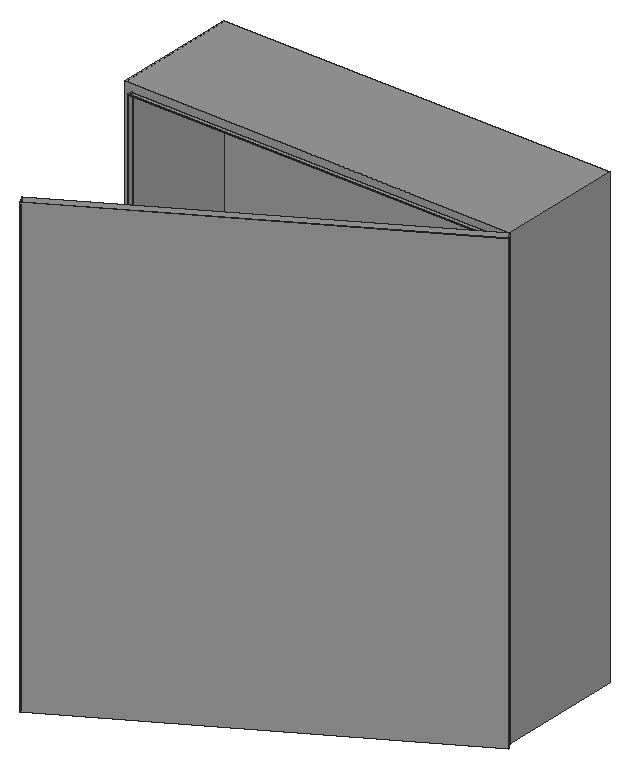
Revit family "Hager-Univers-IP55-D275-H950-Cl.II-Steel_encl-NoHosted-ES-es", category Electrical Equipment, Revit 2020
Family settings
  Panel Configuration = Two Columns, Circuits Across
  Round Connector Dimension = Use Diameter
  Part Type = Panelboard
  Work Plane-Based = Yes
  Always vertical = Yes
  Cut with Voids When Loaded = No
  Shared = No
  Room Calculation Point = No
Parameters (values of type "Montado superficial (escayola) IP55 A800 A950 P275  - FR63S")
  Width Control [instance] = if([EF000008 - Anchura] > Min Width, [EF000008 - Anchura], Min Width)  # 800 mm
  Type Comments = [HG000003 - Gama]  # "Univers"
  Thickness Door [instance] = if([EF009171 - Espesor puerta/tapa] > 3 mm, 3 mm, [EF009171 - Espesor puerta/tapa])  # 1.5 mm
  Seal Frame Offset [instance] = 17 mm  # constant formula
  Plinth Visibility [instance] = [HG000027 - Altura de zócalo] > 0 mm  # no
  Min Width [instance] = 100 mm  # constant formula
  Min Depth [instance] = (2 * [EF009170 - Espesor del material de la caja]) + 1 mm  # 4 mm
  Min Height [instance] = 100 mm  # constant formula
  Internal Frame Depth [instance] = (Door System Depth * 0.5)  # 9 mm
  Panel Name [instance] = ""  # (empty or 0)
  Model = ""
  HG000027 - Altura de zócalo = 0 mm
  HG000026 - Instalación en suelo = no
  HG000024 - Altura de la sección inferior = 600 mm
  HG000023 - Caja de doble sección = no
  HG000016 - Visibilidad de la puerta 3D [instance] = yes
  HG000015 - Visibilidad a través de la puerta [instance] = no
  HG000014 - Puerta a la derecha [instance] = yes
  HG000013 - Puerta a la izquierda [instance] = not([HG000014 - Puerta a la derecha])  # no
  HG000012 - Ángulo de giro de la puerta [instance] = 30.00°
  HG000010 - Puertas asimétricas = no
  HG000009 - Puerta batiente doble = no
  HG000006 - Empotrado = no
  HG000004 - Referencia del fabricante = "FR63S"
  HG000003 - Gama = "Univers"
  HG000002 - Con puerta o tapa = yes
  Frame Offset Bottom [instance] = 10 mm  # constant formula
  Frame Offset [instance] = 15 mm  # constant formula
  EF015940 - Tapa con alivio de sobrepresión = no
  EF011959 - Grado de protección (NEMA) = ""
  EF009554 - Número de aberturas para placas-brida = 6
  EF009212 - Versión de la cubierta = "EV000116 - Cerrado"
  EF009171 - Espesor puerta/tapa = 1.5 mm
  EF009170 - Espesor del material de la caja = 1.5 mm
  EF008873 - Corriente nominal (In) = 800 A
  EF007800 - Adecuado para la protección contra rayos = no
  EF006306 - Con cierre = no
  EF006244 - Tapa/puerta transparente = no
  EF005474 - Grado de protección (IP) = "EV006420 - IP55"
  EF004464 - Tipo de puerta = "EV002646 - Único"
  EF004427 - Número de módulos = 216
  EF004293 - Resistencia al impacto (IK) = "EV008784 - IK10"
  EF003532 - Adecuado para uso en exteriores = no
  EF002950 - Anchura de unidades de división = 24
  EF001613 - Integridad del circuito = "EV000494 - Ninguno"
  EF001596 - Material de la carcasa = "EV000179 - Acero"
  EF001131 - Profundidad interna = 275 mm
  EF001088 - Posibilidad de extensión = yes
  EF000437 - Número de entradas de conductos de cables = 6
  EF000339 - Tipo de cubierta = "EV004216 - Puerta"
  EF000266 - Número de filas = 6
  EF000218 - Profundidad de instalación = 0 mm
  EF000118 - Con placa de montaje = no
  EF000116 - Número RAL = "7035"
  EF000049 - Profundidad = 275 mm
  EF000040 - Altura = 950 mm
  EF000008 - Anchura = 800 mm
  EF000007 - Color = "EV000270 - Gris"
  EF000003 - Tipo de montaje = "EV000384 - Montado superficial (escayola)"
  Door System Leaf Tolerance [instance] = 1.5 mm  # constant formula
  Door System Depth [instance] = 18 mm  # constant formula
  Door Height [instance] = Height Control - [HG000027 - Altura de zócalo]  # 950 mm
  Description = ""
  Default Elevation = 1219.2 mm
  Connector Offset [instance] = Height Control / 2  # 475 mm
  Manufacturer = "Hager"  # constant formula
  Height Control [instance] = if([EF000040 - Altura] > Min Height, [EF000040 - Altura], Min Height)  # 950 mm
  Depth Control [instance] = if([EF000049 - Profundidad] > Min Depth, [EF000049 - Profundidad], Min Depth)  # 275 mm
  Bottom Top Plate Trim [instance] = 1.5 mm  # constant formula
  Plinth height Ctrl [instance] = if([HG000027 - Altura de zócalo] > 0 mm, [HG000027 - Altura de zócalo], 12 mm)  # 12 mm
Types (5, lengths in mm): name | Width Control | HG000010 - Puertas asimétricas | HG000009 - Puerta batiente doble | HG000004 - Referencia del fabricante | EF009554 - Número de aberturas para placas-brida | EF004464 - Tipo de puerta | EF004427 - Número de módulos | EF000437 - Número de entradas de conductos de cables | EF000008 - Anchura
  Montado superficial (escayola) IP55 A1050 A950 P275  - FR64S | 1050 | no | yes | "FR64S" | 8 | "EV003602 - Doble" | 288 | 8 | 1050
  Montado superficial (escayola) IP55 A1300 A950 P275  - FR65S | 1300 | yes | yes | "FR65S" | 10 | "EV003602 - Doble" | 360 | 10 | 1300
  Montado superficial (escayola) IP55 A300 A950 P275  - FR61S | 300 | no | no | "FR61S" | 2 | "EV002646 - Único" | 72 | 2 | 300
  Montado superficial (escayola) IP55 A550 A950 P275  - FR62S | 550 | no | no | "FR62S" | 4 | "EV002646 - Único" | 144 | 4 | 550
  Montado superficial (escayola) IP55 A800 A950 P275  - FR63S | 800 | no | no | "FR63S" | 6 | "EV002646 - Único" | 216 | 6 | 800
Reference planes
  plane 1 "Center (Front/Back)": y = 0
  plane 2: z = 0
  plane 3 "Center (Left/Right)": x = 0
  plane 4: y = 0
  plane 5: y = 0
  plane 6: z = 0
  plane 7: x = -400
  plane 8: x = 400
  plane 9: x = 398.5
  plane 10: x = -398.5
  plane 11: z = 0
  plane 12: z = 1.5
  plane 13: y = -275
  plane 14: y = -1.5
  plane 15: x = 0
  plane 16: y = -257
  plane 17: y = -273.5
  plane 18: y = -255.5
  plane 19: x = -383.5
  plane 20: x = 383.5
  plane 21: z = 11.5
  plane 22: x = -383
  plane 23: x = 383
  plane 24: z = 0
  plane 25: z = 950
  plane 26: z = 950
  plane 27: z = 933.5
  plane 28: z = 948.5
Forms (mm)
  Extrusion 1, solid, material "Hager_Steel_RAL7035_Light_Grey", detail levels medium+fine
    sketch origin (-208.679, -4572, 0) x (-1, 0, 0) y (0, -1, 0)
      loop
        line (191.321, -4315) -> (-608.679, -4315) -> (-608.679, -4572) -> (191.321, -4572) -> (191.321, -4315)
    from 0 to 950
  Extrusion 2, void
    sketch origin (-350.771, -275, 1219.2) x (1, 0, 0) y (0, 0, 1)
      loop
        line (-47.729, -270.7) -> (-47.729, -1217.7) -> (749.271, -1217.7) -> (749.271, -270.7) -> (-47.729, -270.7)
    from -19.5 to -273.5
  Extrusion 3, void
    sketch origin (-290.084, -257, 1219.2) x (1, 0, 0) y (0, 0, 1)
      loop
        line (-93.416, -1207.7) -> (673.584, -1207.7) -> (673.584, -285.7) -> (-93.416, -285.7) -> (-93.416, -1207.7)
    from 0 to -1.5
  Extrusion 4, solid, material "Hager_Steel_RAL7035_Light_Grey", visible <- "Plinth Visibility", detail levels medium+fine
    sketch origin (0, 0, 0) x (1, 0, 0) y (0, 1, 0)
      loop
        line (-400, 0) -> (-400, -257) -> (400, -257) -> (400, 0) -> (-400, 0)
    from 0 to 12 <- "Plinth height Ctrl"
  Extrusion 5, solid, material "Hager_Steel_RAL7035_Light_Grey", detail levels coarse
    sketch origin (0, 0, 0) x (1, 0, 0) y (0, 1, 0)
      loop
        line (-400, 0) -> (-400, -275) -> (400, -275) -> (400, 0) -> (-400, 0)
    from 0 to 950 <- "Height Control"
  Sweep 6, void
    path in 3D
      loop
        line (-400, -257, 12) -> (400, -257, 12) -> (400, 0, 12) -> (-400, 0, 12) -> (-400, -257, 12)
    profile origin (-400, -128.5, 12) x (1, 0, 0) y (0, 0, 1)
      loop
        line (0, 0) -> (0, -1.5) -> (1.5, -1.5)
        arc (1.5, -1.5) -> (1.061, -0.439) -> (0, 0) r 1.5
  Extrusion 7, solid, material "Hager_Steel_RAL7035_Light_Grey", detail levels fine
    sketch origin (-400, -257, 0) x (1, 0, 0) y (0, 0, 1)
      loop
        line (16.5, 11.5) -> (783.5, 11.5) -> (783.5, 933.5) -> (16.5, 933.5) -> (16.5, 11.5)
      loop
        line (15, 10) -> (785, 10) -> (785, 935) -> (15, 935) -> (15, 10)
    from 0 to 9 <- "Internal Frame Depth"
Cuts and joins
  Extrusion 2, Extrusion 3 cuts Extrusion 1
  Sweep 6 cuts Extrusion 4
Lines and regions (mm)
  Masking region 1
    outline origin (0, 0, 0) x (1, 0, 0) y (0, 1, 0)
      loop
        line (-400, 0) -> (-400, -275) -> (400, -275) -> (400, 0) -> (-400, 0)
  Masking region 2, detail levels coarse
    outline origin (-290.084, -257, 1219.2) x (-1, 0, 0) y (0, 0, 1)
      loop
        line (-690.084, -1219.2) -> (109.916, -1219.2) -> (109.916, -269.2) -> (-690.084, -269.2) -> (-690.084, -1219.2)
  Masking region 3, detail levels coarse
    outline origin (0, 0, 0) x (0, 1, 0) y (0, 0, 1)
      loop
        line (0, 0) -> (0, 950) -> (-275, 950) -> (-275, 0) -> (0, 0)
  Masking region 4, visible <- "Plinth Visibility", detail levels medium+fine
    outline origin (0, 0, 0) x (0, 1, 0) y (0, 0, 1)
      loop
        line (-1.5, 12) -> (-255.5, 12)
        arc (-255.5, 12) -> (-255.939, 10.939) -> (-257, 10.5) r 1.5
        line (-257, 10.5) -> (-257, 0) -> (0, 0) -> (0, 10.5)
        arc (0, 10.5) -> (-1.061, 10.939) -> (-1.5, 12) r 1.5
  Masking region 5, detail levels medium+fine
    outline origin (0, 0, 594.038) x (0, 1, 0) y (0, 0, 1)
      loop
        line (0, -594.038) -> (0, 355.962) -> (-257, 355.962) -> (-257, -594.038) -> (0, -594.038)
  Masking region 6, detail levels medium+fine
    outline origin (-359.7, -257, 1211.883) x (-1, 0, 0) y (0, 0, 1)
      loop
        line (-759.7, -1211.883) -> (40.3, -1211.883) -> (40.3, -261.883) -> (-759.7, -261.883) -> (-759.7, -1211.883)
  Masking region 7, visible <- "Plinth Visibility", detail levels medium+fine
    outline origin (-320.334, -257, 1041.368) x (-1, 0, 0) y (0, 0, 1)
      loop
        line (-720.334, -1041.368) -> (79.666, -1041.368) -> (79.666, -1030.868)
        arc (79.666, -1030.868) -> (78.606, -1030.429) -> (78.166, -1029.368) r 1.5
        line (78.166, -1029.368) -> (-718.834, -1029.368)
        arc (-718.834, -1029.368) -> (-719.273, -1030.429) -> (-720.334, -1030.868) r 1.5
        line (-720.334, -1030.868) -> (-720.334, -1041.368)
  sketch lines
    curve 1: line (-400, 0, 12) -> (-400, -257, 12)
    curve 2: line (-400, -257, 12) -> (400, -257, 12)
    curve 3: line (400, 0, 12) -> (-400, 0, 12)
    curve 4: line (400, -257, 12) -> (400, 0, 12)
Dimensions and locks
  locked: plane 1 "Center (Front/Back)" to plane 5
  "EF009170 - Espesor del material de la caja": plane 7 to plane 10
  "EF009170 - Espesor del material de la caja": plane 8 to plane 9
  equal spacing: plane 7, plane 3 "Center (Left/Right)", plane 8
  "Width Control": plane 7 to plane 8
  "Depth Control": plane 4 to plane 13
  "EF009170 - Espesor del material de la caja": plane 4 to plane 14
  "Height Control": plane 25 to level
  "HG000027 - Altura de zócalo": plane 11 to level
  "EF009170 - Espesor del material de la caja": plane 12 to plane 11
  "EF009170 - Espesor del material de la caja": plane 17 to plane 13
  "EF009170 - Espesor del material de la caja": plane 18 to plane 16
  "Frame Offset Bottom": plane 21 to plane 12
  "Frame Offset": plane 10 to plane 19
  "Frame Offset": plane 9 to plane 20
  "Door System Depth": plane 16 to plane 13
  "Seal Frame Offset": plane 7 to plane 22
  "Seal Frame Offset": plane 8 to plane 23
  "EF009170 - Espesor del material de la caja": plane 26 to plane 28
  "Frame Offset": plane 28 to plane 27
  "Connector Offset": plane 2 to connector elem
  "Bottom Top Plate Trim": profile plane to Sweep 6 sketch curve
  "Bottom Top Plate Trim": Sweep 6 sketch curve to Sweep 6 sketch curve
  "Plinth height Ctrl": Masking region 4 sketch curve to level
  "Plinth height Ctrl": Masking region 7 sketch curve to level
  "Thickness Door": Extrusion 7 sketch curve to Extrusion 7 sketch curve  (x4)
  "Bottom Top Plate Trim": radius of Sweep 6 sketch curve
  "Bottom Top Plate Trim": radius of Masking region 4 sketch curve  (x2)
  "Bottom Top Plate Trim": radius of Masking region 7 sketch curve  (x2)
  aligned and locked: Extrusion 2 sketch curve to plane 12
  aligned and locked: Extrusion 2 sketch curve to plane 9
  aligned and locked: Extrusion 2 sketch curve to plane 10
  aligned and locked: Extrusion 2 to plane 14
  aligned and locked: Extrusion 1 sketch curve to plane 4
  aligned and locked: plane 8 to Extrusion 1 sketch curve
  aligned and locked: plane 7 to Extrusion 1 sketch curve
  aligned and locked: Extrusion 2 to plane 18
  aligned and locked: Extrusion 3 sketch curve to plane 19
  aligned and locked: plane 20 to Extrusion 3 sketch curve
  aligned and locked: Extrusion 3 to Extrusion 2
  aligned and locked: Extrusion 3 sketch curve to plane 21
  aligned and locked: plane 3 "Center (Left/Right)" to nested 1
  aligned and locked: Extrusion 1 sketch curve to plane 16
  aligned and locked: Extrusion 4 sketch curve to cut or joined group of Extrusion 1, Extrusion 2, Extrusion 3
  aligned and locked: Masking region 1 sketch curve to plane 7
  aligned and locked: Masking region 1 sketch curve to plane 5
  aligned and locked: Masking region 1 sketch curve to plane 8
  aligned and locked: Masking region 2 sketch curve to level
  aligned and locked: level to Masking region 3 sketch curve
  aligned and locked: plane 1 "Center (Front/Back)" to Masking region 3 sketch curve
  aligned and locked: plane 13 to Masking region 3 sketch curve
  aligned and locked: plane 5 to Masking region 4 sketch curve
  aligned and locked: Masking region 2 sketch curve to plane 8
  aligned and locked: Masking region 2 sketch curve to plane 7
  aligned and locked: plane 7 to nested 2
  aligned and locked: nested 2 to plane 5
  aligned and locked: plane 5 to Masking region 5 sketch curve
  aligned and locked: plane 26 to Masking region 5 sketch curve
  aligned and locked: Extrusion 5 sketch curve to plane 8
  aligned and locked: Extrusion 5 sketch curve to plane 7
  aligned and locked: Extrusion 5 sketch curve to plane 5
  aligned and locked: Extrusion 3 sketch curve to plane 27
  aligned and locked: Extrusion 2 sketch curve to plane 28
  aligned and locked: Masking region 2 to plane 25
  aligned and locked: Extrusion 4 to plane 16
  aligned and locked: profile plane to Sweep 6 sketch curve
  aligned and locked: Masking region 5 sketch curve to plane 24
  aligned and locked: level to Masking region 4 sketch curve
  aligned and locked: Masking region 1 to plane 13
  aligned and locked: nested 1 to plane 16
  aligned and locked: Masking region 3 to plane 25
  aligned and locked: plane 16 to Masking region 4 sketch curve
  aligned and locked: Masking region 5 sketch curve to plane 16
  aligned and locked: plane 24 to plane 11
  aligned and locked: plane 26 to plane 25
  aligned and locked: plane 26 to cut or joined group of Extrusion 1, Extrusion 2, Extrusion 3
  aligned and locked: nested 1 to plane 24
  aligned and locked: Extrusion 1 to Extrusion 3
  aligned and locked: Masking region 6 sketch curve to plane 8
  aligned and locked: Masking region 6 sketch curve to plane 24
  aligned and locked: Masking region 6 sketch curve to plane 7
  aligned and locked: Masking region 6 sketch curve to plane 26
  aligned and locked: Masking region 7 sketch curve to plane 7
  aligned and locked: level to Masking region 7 sketch curve
  aligned and locked: Masking region 7 sketch curve to plane 8
  aligned and locked: Extrusion 7 sketch curve to cut or joined group of Extrusion 1, Extrusion 2, Extrusion 3  (x4)
Automatic sketch dimensions
  plane 19 to Extrusion 3 sketch curve = 0 mm
  Extrusion 3 sketch curve to plane 20 = 0 mm
  Extrusion 3 sketch curve to plane 21 = 0 mm
  Extrusion 4 sketch curve to plane 7 = 0 mm
  Extrusion 4 sketch curve to plane 8 = 0 mm
  Extrusion 4 sketch curve to plane 16 = 0 mm
  Masking region 1 sketch curve to plane 13 = 0 mm
  Masking region 2 sketch curve to plane 25 = 0 mm
  Masking region 3 sketch curve to plane 25 = 0 mm
  Extrusion 5 sketch curve to plane 13 = 0 mm
  profile plane to Sweep 6 sketch curve = 0 mm
Nested families
  nested 1: "EC000058_Univers_Door" at (0, -257, 0), Double <- "HG000009 - Puerta batiente doble", Transparent <- "EF006244 - Tapa/puerta transparente", Angle <- "HG000012 - Ángulo de giro de la puerta", Door_Right <- "HG000014 - Puerta a la derecha", Assymetrical <- "HG000010 - Puertas asimétricas", Door <- "HG000002 - Con puerta o tapa", Width_Ctrl <- "Width Control", 3d_Door <- "HG000016 - Visibilidad de la puerta 3D", Clearance <- "HG000015 - Visibilidad a través de la puerta", Door_Left <- "HG000013 - Puerta a la izquierda", Width <- "Width Control", Door_Depth <- "Door System Depth", Leaf_Tolerance <- "Door System Leaf Tolerance", Height <- "Door Height", Lock_Visibility <- "EF006306 - Con cierre", Thickness <- "Thickness Door", type "EC000058_Univers_Door", detail levels medium+fine
    with min_wh 4 mm, Width_Ctrl 800 mm, Width 800 mm, Transparent no, Thickness 1.5 mm, Seal_Material Hager_Rubber, Lock_Visibility no, Lock_Material Hager_Plastic_RAL9005_Jet_Black, Leaf_Width 800 mm, Leaf_Tolerance_External_Sides 0 mm, Leaf_Tolerance 1.5 mm, Leaf_Offset 0 mm, Leaf_Height 947 mm, Leaf_2_Width 800 mm, Leaf_2_Offset 400 mm, Leaf_1_Width 800 mm, Leaf_1_Offset 400 mm, Height_Ctrl 950 mm, Height 950 mm, Glass_Material Hager_Glass, Double_Clearance_Ctrl no, Double no, Door_Right_Ctrl yes, Door_Right yes, Door_Material Hager_Steel_RAL7035_Light_Grey, Door_Left_Ctrl no, Door_Left no, Door_Depth 18 mm, Door yes, Clearance_Material Hager_Clearance, Clearance_Depth 800 mm, Clearance_Ctrl no, Clearance no, Assymetrical no, Angle 30.00°, 3d_Door yes
  nested 2: "Hager_Enclosure_Symbol" at (-400, 0, 0), Height <- "Depth Control", Width <- "Width Control", type "Hager_Enclosure_Symbol"
    with Width_Ctrl 800 mm, Width 800 mm, Height_Ctrl 275 mm, Height 275 mm, A_Width_Int 18.047 mm, A_Width 216.562 mm, A_Height_Ctrl 240.625 mm, A_Height 240.625 mm
Connectors
  electrical at (0, 0, 475)
    settings: on plane 1 "Center (Front/Back)", index 1, voltage 0 V, apparent load 0 VA, apparent load phase1 0 VA, apparent load phase2 0 VA, apparent load phase3 0 VA, power factor 1, load classification "Other", number of poles 1, system type 30, power factor state 1, is connector primary yes, connector utility no, sub classification motor no, connector description ""
Definition of nested family "EC000058_Univers_Door"
  Parameters (values of type "EC000058_Univers_Door")
    min_wh [instance] = (2 * Thickness) + 1 mm  # 11 mm
    Width_Ctrl [instance] = 400 mm
    Width [instance] = 500 mm
    Transparent [instance] = yes
    Thickness [instance] = 5 mm
    Seal_Material [instance] = none
    Lock_Visibility [instance] = yes
    Lock_Material [instance] = none
    Leaf_Width [instance] = if((Width_Ctrl - 2 * Leaf_Tolerance_External_Sides) > 0 mm, (Width_Ctrl - 2 * Leaf_Tolerance_External_Sides), min_wh)  # 400 mm
    Leaf_Tolerance_External_Sides [instance] = 0 mm  # constant formula
    Leaf_Tolerance [instance] = 1.5 mm
    Leaf_Offset [instance] = 0 mm  # constant formula
    Leaf_Height [instance] = if((Height_Ctrl - 2 * Leaf_Tolerance) > 0 mm, (Height_Ctrl - 2 * Leaf_Tolerance), min_wh)  # 497 mm
    Leaf_2_Width [instance] = if(and(and(Double, Assymetrical), Door_Left), (Leaf_Width / 3) - (Leaf_Tolerance / 2), if(and(and(Double, Assymetrical), Door_Right), (Leaf_Width / 3) * 2 - (Leaf_Tolerance / 2), if(and(Double, not(Assymetrical)), (Leaf_Width / 2) - Leaf_Tolerance, Leaf_Width)))  # 400 mm
    Leaf_2_Offset [instance] = if(and(Double, Assymetrical), Leaf_2_Width / 2, if(and(Double, not(Assymetrical)), Leaf_Width / 4, Leaf_Width / 2))  # 200 mm
    Leaf_1_Width [instance] = if(and(and(Double, Assymetrical), Door_Right), (Leaf_Width / 3) - (Leaf_Tolerance / 2), if(and(and(Double, Assymetrical), Door_Left), (Width / 3) * 2 - (Leaf_Tolerance / 2), if(and(Double, not(Assymetrical)), (Leaf_Width / 2) - Leaf_Tolerance, Leaf_Width)))  # 400 mm
    Leaf_1_Offset [instance] = if(and(Double, Assymetrical), Leaf_1_Width / 2, if(and(Double, not(Assymetrical)), Leaf_Width / 4, Leaf_Width / 2))  # 200 mm
    Height_Ctrl [instance] = if(Height > min_wh, Height, min_wh)  # 500 mm
    Height [instance] = 500 mm
    Glass_Material [instance] = none
    Double_Clearance_Ctrl [instance] = and(Double, Clearance)  # no
    Double [instance] = no
    Door_Right_Ctrl [instance] = and(or(Door_Right, Double), Door)  # yes
    Door_Right [instance] = yes
    Door_Material [instance] = none
    Door_Left_Ctrl [instance] = and(or(Door_Left, Double), Door)  # no
    Door_Left [instance] = no
    Door_Depth [instance] = 30 mm
    Door [instance] = yes
    Default Elevation = 1219.2 mm
    Clearance_Material [instance] = none
    Clearance_Depth [instance] = if(Leaf_1_Width > Leaf_2_Width, Leaf_1_Width, Leaf_2_Width)  # 400 mm
    Clearance_Ctrl [instance] = and(not(Double), Clearance)  # yes
    Clearance [instance] = yes
    Assymetrical [instance] = yes
    Angle [instance] = 30.00°
    3d_Door [instance] = yes
  Reference planes
    plane 1 "Center (Front/Back)": y = 0
    plane 2 "Bottom": z = 0
    plane 3 "Center (Left/Right)": x = 0
    plane 4: z = 500
    plane 5: x = -200
    plane 6: x = 200
    plane 7: z = 500
    plane 8: x = -200
    plane 9: z = 0
    plane 10: x = 200
    plane 11: y = 0
    plane 12: z = 1.5
    plane 13: x = -600
    plane 14: y = -400
    plane 15: x = 600
    plane 16: x = 0
    plane 17: x = 0
    plane 18: x = -200
    plane 19: x = 200
    plane 20: z = 498.5
  Forms (mm)
    Extrusion 1, solid, material <- "Clearance_Material", visible <- "Double_Clearance_Ctrl"
      sketch origin (1200, 0, 0) x (1, 0, 0) y (0, 0, -1)
        loop
          line (-1800, -498.5) -> (-600, -498.5) -> (-600, 0) -> (-1800, 0) -> (-1800, -498.5)
      from 0 to -400
  Dimensions and locks
    equal spacing: plane 5, plane 3 "Center (Left/Right)", plane 6
    "Width_Ctrl": plane 5 to plane 6
    "Leaf_Offset": plane 5 to plane 8
    "Leaf_Offset": plane 6 to plane 10
    "Leaf_Offset": plane 9 to level
    "Leaf_Offset": plane 4 to plane 7
    "Height_Ctrl": plane 4 to level
    "Leaf_Tolerance": plane 12 to plane 9
    locked: plane 11 to plane 1 "Center (Front/Back)"
    "Leaf_1_Offset": plane 18 to plane 16
    "Leaf_2_Offset": plane 17 to plane 19
    "Leaf_1_Width": plane 13 to plane 8
    "Leaf_2_Width": plane 10 to plane 15
    "Clearance_Depth": plane 14 to plane 1 "Center (Front/Back)"
    "Leaf_Tolerance_External_Sides": plane 8 to plane 18
    "Leaf_Tolerance_External_Sides": plane 19 to plane 10
    "Leaf_Tolerance": plane 7 to plane 20
    aligned and locked: level to plane 2 "Bottom"
    aligned and locked: nested 1 to plane 16
    aligned and locked: nested 2 to plane 17
    aligned and locked: Extrusion 1 to plane 13
    aligned and locked: plane 15 to Extrusion 1
    aligned and locked: Extrusion 1 to plane 14
    aligned and locked: plane 12 to nested 1
    aligned and locked: nested 2 to plane 12
    aligned and locked: Extrusion 1 to plane 11
    aligned and locked: plane 20 to Extrusion 1
    aligned and locked: nested 2 to plane 11
    aligned and locked: nested 1 to plane 11
  Automatic sketch dimensions
    Extrusion 1 sketch curve to level = 0 mm
    plane 5 to Extrusion 1 sketch curve = 400 mm
    plane 6 to Extrusion 1 sketch curve = 400 mm
    Extrusion 1 sketch curve to plane 4 = 1.5 mm
  Nested families
    nested 1: "EC000058_Univers_Door_Leaf" at (0, 0, 1.5), Width <- "Leaf_1_Width", visible <- "Door_Left_Ctrl", Leaf_Height <- "Leaf_Height", Angle <- "Angle", 3d_Door <- "3d_Door", Transparent <- "Transparent", Clearance Material <- "Clearance_Material", Clearance <- "Clearance_Ctrl", Door_Material <- "Door_Material", Glass_Material <- "Glass_Material", Door_Depth <- "Door_Depth", Lock_Material <- "Lock_Material", Seal_Material <- "Seal_Material", Lock_Visibility <- "Lock_Visibility", Thickness <- "Thickness", type "EC000058_Univers_Door_Leaf"
      with Width 400 mm, Transparent_Glass_Offset 30 mm, Transparent_Ctrl yes, Transparent yes, Thickness 5 mm, Standard no, Seal_Material none, Seal_D2 8 mm, Seal_D1 1 mm, Offset_Internal_Frame 10 mm, Lock_Width 20 mm, Lock_Visibility_3d yes, Lock_Visibility yes, Lock_Thickness_3 3 mm, Lock_Thickness_2 1 mm, Lock_Thickness_1 3 mm, Lock_Radius_Offset_2 16 mm, Lock_Radius_Offset_1 15 mm, Lock_Radius_2 5 mm, Lock_Radius 6 mm, Lock_Offset 5 mm, Lock_Material none, Lock_Height 80 mm, Lock_Cover_Top_Offset_2d 17 mm, Lock_Cover_Height -65 mm, Leaf_Height 497 mm, Internal_Seal_Thickness 8 mm, Internal_Seal_Depth_2 4.5 mm, Internal_Frame_Depth 25 mm, Glass_Thickness -1 mm, Glass_Offset -2 mm, Glass_Material none, Door_Material none, Door_Depth 30 mm, Clearance Material none, Clearance yes, Angle_Ctrl 30.00°, Angle 30.00°, 3d_Door yes
    nested 2: "EC000058_Univers_Door_Leaf" at (0, 0, 1.5) x (-1, 0, 0) z (0, 0, 1), Width <- "Leaf_2_Width", visible <- "Door_Right_Ctrl", Leaf_Height <- "Leaf_Height", Angle <- "Angle", 3d_Door <- "3d_Door", Transparent <- "Transparent", Clearance Material <- "Clearance_Material", Clearance <- "Clearance_Ctrl", Door_Material <- "Door_Material", Glass_Material <- "Glass_Material", Door_Depth <- "Door_Depth", Lock_Material <- "Lock_Material", Seal_Material <- "Seal_Material", Lock_Visibility <- "Lock_Visibility", Thickness <- "Thickness", type "EC000058_Univers_Door_Leaf"
      with Width 400 mm, Transparent_Glass_Offset 30 mm, Transparent_Ctrl yes, Transparent yes, Thickness 5 mm, Standard no, Seal_Material none, Seal_D2 8 mm, Seal_D1 1 mm, Offset_Internal_Frame 10 mm, Lock_Width 20 mm, Lock_Visibility_3d yes, Lock_Visibility yes, Lock_Thickness_3 3 mm, Lock_Thickness_2 1 mm, Lock_Thickness_1 3 mm, Lock_Radius_Offset_2 16 mm, Lock_Radius_Offset_1 15 mm, Lock_Radius_2 5 mm, Lock_Radius 6 mm, Lock_Offset 5 mm, Lock_Material none, Lock_Height 80 mm, Lock_Cover_Top_Offset_2d 17 mm, Lock_Cover_Height -65 mm, Leaf_Height 497 mm, Internal_Seal_Thickness 8 mm, Internal_Seal_Depth_2 4.5 mm, Internal_Frame_Depth 25 mm, Glass_Thickness -1 mm, Glass_Offset -2 mm, Glass_Material none, Door_Material none, Door_Depth 30 mm, Clearance Material none, Clearance yes, Angle_Ctrl 30.00°, Angle 30.00°, 3d_Door yes
  Definition of nested family "EC000058_Univers_Door_Leaf"
    Parameters (values of type "EC000058_Univers_Door_Leaf")
      Width [instance] = 2000 mm
      Transparent_Glass_Offset [instance] = 30 mm
      Transparent_Ctrl [instance] = and(Transparent, [3d_Door])  # yes
      Transparent [instance] = yes
      Thickness [instance] = 5 mm
      Standard [instance] = and(not(Transparent), [3d_Door])  # no
      Seal_Material [instance] = none
      Seal_D2 [instance] = 8 mm  # constant formula
      Seal_D1 [instance] = 1 mm  # constant formula
      Offset_Internal_Frame [instance] = 10 mm  # constant formula
      Lock_Width [instance] = 20 mm  # constant formula
      Lock_Visibility_3d [instance] = and(Lock_Visibility, [3d_Door])  # yes
      Lock_Visibility [instance] = yes
      Lock_Thickness_3 [instance] = 3 mm  # constant formula
      Lock_Thickness_2 [instance] = 1 mm  # constant formula
      Lock_Thickness_1 [instance] = 3 mm  # constant formula
      Lock_Radius_Offset_2 [instance] = Lock_Radius_Offset_1 + 1 mm  # 16 mm
      Lock_Radius_Offset_1 [instance] = 15 mm  # constant formula
      Lock_Radius_2 [instance] = Lock_Radius - 1 mm  # 5 mm
      Lock_Radius [instance] = 6 mm  # constant formula
      Lock_Offset [instance] = 5 mm  # constant formula
      Lock_Material [instance] = none
      Lock_Height [instance] = 80 mm  # constant formula
      Lock_Cover_Top_Offset_2d [instance] = Lock_Radius_Offset_2 + 1 mm  # 17 mm
      Lock_Cover_Height [instance] = -(Lock_Height - Lock_Radius_Offset_1)  # -65 mm
      Leaf_Height [instance] = 2720.336 mm
      Internal_Seal_Thickness [instance] = 8 mm  # constant formula
      Internal_Seal_Depth_2 [instance] = 4.5 mm  # constant formula
      Internal_Frame_Depth [instance] = if(Door_Depth - Thickness > 5 mm, Door_Depth - Thickness, 5 mm)  # 25 mm
      Glass_Thickness [instance] = if(Thickness > 15 mm, Glass_Offset + 10 mm, -1 mm)  # -1 mm
      Glass_Offset [instance] = if(Thickness > 15 mm, -(Thickness + 10 mm) / 2, -2 mm)  # -2 mm
      Glass_Material [instance] = none
      Door_Material [instance] = none
      Door_Depth [instance] = 30 mm
      Default Elevation = 0 mm
      Clearance Material [instance] = none
      Clearance [instance] = yes
      Angle_Ctrl [instance] = if(Angle > 180.00°, 180.00°, Angle)  # 90.00°
      Angle [instance] = 90.00°
      3d_Door [instance] = yes
    Reference planes
      plane 1 "Center (Front/Back)": y = 0
      plane 2: z = 0
      plane 3 "Center (Left/Right)": x = 0
      plane 4: y = 2000
      plane 5: x = -1000
      plane 6: x = 1000
      plane 7: x = -3000
      plane 8: z = 2720.336
      plane 9: z = 30
      plane 10: z = 2690.336
      plane 11: x = 970
      plane 12: x = -970
      plane 13: y = -3
      plane 14: z = 107.833
      plane 15: y = -5
      plane 16: y = -223.314
      plane 17: x = -1000
      plane 18: z = 1360.168
      plane 19: y = 30
    Forms (mm)
      Extrusion 1, solid, material <- "Clearance Material", visible <- "Clearance"
        sketch origin (0, 0, 0) x (1, 0, 0) y (0, 0, 1)
          loop
            line (-3000, 2720.336) -> (-3000, 0) -> (1000, 0) -> (1000, 2720.336) -> (-3000, 2720.336)
        from 0 to -2000
      Extrusion 2, solid, material <- "Door_Material", visible <- "Standard", detail levels medium+fine
        sketch origin (-1000, 0, 0) x (0, 1, 0) y (-1, 0, 0)
          loop
            line (0, 30) -> (0, 25) -> (2000, 25) -> (2000, 30) -> (0, 30)
        from 0 to 2720.336 <- "Leaf_Height"
      Extrusion 3, solid, material <- "Door_Material", visible <- "Transparent_Ctrl", detail levels medium+fine
        sketch origin (-1000, 0, 0) x (0, 1, 0) y (-1, 0, 0)
          loop
            line (0, 25) -> (2000, 25) -> (2000, 30) -> (0, 30) -> (0, 25)
        from 0 to 2720.336 <- "Leaf_Height"
      Extrusion 4, void
        sketch origin (-1025, 2000, 0) x (0, 1, 0) y (0, 0, -1)
          loop
            line (-30, -2690.336) -> (-30, -30) -> (-1970, -30) -> (-1970, -2690.336) -> (-30, -2690.336)
        from 0 to 5 <- "Thickness"
      Sweep 5, solid, material <- "Seal_Material", visible <- "Transparent_Ctrl", detail levels fine
        path in 3D
          loop
            line (-1025, 30, 30) -> (-1025, 30, 2690.336) -> (-1025, 1970, 2690.336) -> (-1025, 1970, 30) -> (-1025, 30, 30)
        profile origin (-1025, 1000, 30) x (1, 0, 0) y (0, 0, 1)
          loop
            line (0, 0) -> (0, -8) -> (1, -8) -> (1, 0) -> (0, 0)
      Extrusion 6, solid, material <- "Glass_Material", visible <- "Transparent_Ctrl", detail levels medium+fine
        sketch origin (-1030, 0, 0) x (0, 1, 0) y (0, 0, -1)
          loop
            line (1970, -2690.336) -> (1970, -30) -> (30, -30) -> (30, -2690.336) -> (1970, -2690.336)
        from -2 <- "Glass_Offset" to -1 <- "Glass_Thickness"
      Extrusion 7, solid, material <- "Door_Material", visible <- "3d_Door", detail levels medium+fine
        sketch origin (-1025, 2000, 0) x (0, -1, 0) y (0, 0, -1)
          loop
            line (0, -2720.336) -> (2000, -2720.336) -> (2000, 0) -> (0, 0) -> (0, -2720.336)
          loop
            line (1995, -5) -> (5, -5) -> (5, -2715.336) -> (1995, -2715.336) -> (1995, -5)
        from 0 to 25 <- "Internal_Frame_Depth"
      Sweep 8, solid, material <- "Seal_Material", visible <- "Transparent_Ctrl", detail levels fine
        path in 3D
          loop
            line (-1025, 0, 0) -> (-1025, 2000, 0) -> (-1025, 2000, 2720.336) -> (-1025, 0, 2720.336) -> (-1025, 0, 0)
        profile origin (-1025, 0, 1360.168) x (1, 0, 0) y (0, 1, 0)
          loop
            line (0, 10) -> (2.975, 10)
            arc (2.975, 10) -> (4.053, 10.447) -> (4.5, 11.525) r 1.525
            line (4.5, 11.525) -> (4.5, 16.527)
            arc (4.5, 16.527) -> (4.069, 17.569) -> (3.027, 18) r 1.473
            line (3.027, 18) -> (0, 18) -> (0, 10)
      Extrusion 9, solid, material <- "Lock_Material", visible <- "Lock_Visibility_3d", detail levels fine
        sketch origin (-1030, 0, 0) x (0, 1, 0) y (0, 0, -1)
          loop
            arc (1993.5, -1400.168) -> (1994.561, -1399.729) -> (1995, -1398.668) r 1.5
            line (1995, -1398.668) -> (1995, -1320.168) -> (1975, -1320.168) -> (1975, -1398.668)
            arc (1975, -1398.668) -> (1975.439, -1399.729) -> (1976.5, -1400.168) r 1.5
            line (1976.5, -1400.168) -> (1993.5, -1400.168)
        from 3 <- "Lock_Thickness_1" to 0
      Blend 10, solid, material <- "Lock_Material", visible <- "Lock_Visibility_3d", detail levels fine
        base sketch origin (-1033, 0, 0) x (0, 1, 0) y (0, 0, -1)
          loop
            line (1975, -1320.168) -> (1975, -1398.668)
            arc (1975, -1398.668) -> (1975.439, -1399.729) -> (1976.5, -1400.168) r 1.5
            line (1976.5, -1400.168) -> (1993.5, -1400.168)
            arc (1993.5, -1400.168) -> (1994.561, -1399.729) -> (1995, -1398.668) r 1.5
            line (1995, -1398.668) -> (1995, -1320.168) -> (1975, -1320.168)
        top sketch origin (-1033, 0, 0) x (0, 1, 0) y (0, 0, -1)
          loop
            line (1976, -1320.168) -> (1976, -1398.668)
            arc (1976, -1398.668) -> (1976.146, -1399.022) -> (1976.5, -1399.168) r 0.5
            line (1976.5, -1399.168) -> (1993.5, -1399.168)
            arc (1993.5, -1399.168) -> (1993.854, -1399.022) -> (1994, -1398.668) r 0.5
            line (1994, -1398.668) -> (1994, -1320.168) -> (1976, -1320.168)
        from 0 to 1 <- "Lock_Thickness_2"
      Blend 11, solid, material <- "Lock_Material", visible <- "Lock_Visibility_3d", detail levels fine
        base sketch origin (-1034, 0, 0) x (0, 1, 0) y (0, 0, -1)
          loop
            line (1978, -1320.168) -> (1978, -1384.168)
            arc (1978, -1384.168) -> (1985, -1391.168) -> (1992, -1384.168) r 7
            line (1992, -1384.168) -> (1992, -1320.168) -> (1978, -1320.168)
        top sketch origin (-1034, 0, 0) x (0, 1, 0) y (0, 0, -1)
          loop
            line (1991, -1320.168) -> (1979, -1320.168) -> (1979, -1383.168)
            arc (1979, -1383.168) -> (1985, -1389.168) -> (1991, -1383.168) r 6
            line (1991, -1383.168) -> (1991, -1320.168)
        from 0 to 3 <- "Lock_Thickness_3"
      Extrusion 12, solid, material <- "Lock_Material", visible <- "Lock_Visibility_3d", detail levels fine
        sketch origin (-1030, 1975, 1320.168) x (1, 0, 0) y (0, -1, 0)
          loop
            line (-7, -19) -> (-7, -1) -> (0, -1) -> (0, 0) -> (-8, 0) -> (-8, -20) -> (0, -20) -> (0, -19) -> (-7, -19)
        from 0 to -65 <- "Lock_Cover_Height"
      Extrusion 13, void
        sketch origin (-1038, 1995, 1320.168) x (-1, 0, 0) y (0, 0, -1)
          loop
            line (-5, -65) -> (0, -65) -> (-5, -60) -> (-5, -65)
        from 0 to 20 <- "Lock_Width"
      Extrusion 14, void
        sketch origin (-1038, 1975, 1320.168) x (0, -1, 0) y (0, 0, -1)
          loop
            circle (-10, -15.995) r 6
          loop
            circle (-10, -15.995) r 5
        from 0 to 2
      Extrusion 15, solid, material <- "Lock_Material", visible <- "Lock_Visibility_3d", detail levels medium
        sketch origin (-1030, 0, 0) x (0, 1, 0) y (0, 0, -1)
          loop
            arc (1993.5, -1400.168) -> (1994.561, -1399.729) -> (1995, -1398.668) r 1.5
            line (1995, -1398.668) -> (1995, -1320.168) -> (1975, -1320.168) -> (1975, -1398.668)
            arc (1975, -1398.668) -> (1975.439, -1399.729) -> (1976.5, -1400.168) r 1.5
            line (1976.5, -1400.168) -> (1993.5, -1400.168)
        from 8 to 0
    Cuts and joins
      Extrusion 4 cuts Extrusion 3
      Extrusion 13, Extrusion 14 cuts Extrusion 9
      Extrusion 14 cuts Blend 11
      Extrusion 13, Extrusion 14 cuts Extrusion 12
      joined: Extrusion 9, Blend 10, Blend 11, Extrusion 12
      Extrusion 14 cuts Extrusion 15
    Lines and regions (mm)
      Masking region 1, visible <- "Lock_Visibility", detail levels fine
        outline origin (0, 0, 0) x (0, 1, 0) y (0, 0, 1)
          loop
            line (30, 1320.168) -> (33, 1320.168) -> (33, 1400.168) -> (30, 1400.168) -> (30, 1320.168)
      Masking region 2, visible <- "Lock_Visibility", detail levels fine
        outline origin (0, 3.143, 0) x (0, 1, 0) y (0, 0, 1)
          loop
            line (29.857, 1354.168) -> (30.857, 1354.168) -> (30.857, 1366.168) -> (29.857, 1366.168) -> (29.857, 1354.168)
      Masking region 3, detail levels medium+fine
        outline origin (0, 0, 0) x (0, 1, 0) y (0, 0, 1)
          loop
            line (0, 0) -> (30, 0) -> (30, 2720.336) -> (0, 2720.336) -> (0, 0)
      Masking region 4, detail levels medium+fine
        outline origin (0, 0, 0) x (1, 0, 0) y (0, 0, 1)
          loop
            line (-1000, 2720.336) -> (-1000, 0) -> (1000, 0) -> (1000, 2720.336) -> (-1000, 2720.336)
      Masking region 5, visible <- "Lock_Visibility", detail levels fine
        outline origin (-47.116, 0, 0) x (1, 0, 0) y (0, 0, 1)
          loop
            arc (1024.616, 1399.168) -> (1023.556, 1398.729) -> (1023.116, 1397.668) r 1.5
            line (1023.116, 1397.668) -> (1023.116, 1320.168) -> (1041.116, 1320.168) -> (1041.116, 1397.668)
            arc (1041.116, 1397.668) -> (1040.677, 1398.729) -> (1039.616, 1399.168) r 1.5
            line (1039.616, 1399.168) -> (1024.616, 1399.168)
      Masking region 6, visible <- "Lock_Visibility", detail levels medium+fine
        outline origin (-25, 0, 0) x (1, 0, 0) y (0, 0, 1)
          loop
            arc (1001.5, 1400.168) -> (1000.439, 1399.729) -> (1000, 1398.668) r 1.5
            line (1000, 1398.668) -> (1000, 1320.168) -> (1020, 1320.168) -> (1020, 1398.668)
            arc (1020, 1398.668) -> (1019.561, 1399.729) -> (1018.5, 1400.168) r 1.5
            line (1018.5, 1400.168) -> (1001.5, 1400.168)
      Masking region 7, visible <- "Lock_Visibility", detail levels fine
        outline origin (-73.735, 0, 0) x (1, 0, 0) y (0, 0, 1)
          loop
            line (1051.735, 1382.168) -> (1065.735, 1382.168) -> (1065.735, 1384.168)
            arc (1065.735, 1384.168) -> (1058.735, 1391.168) -> (1051.735, 1384.168) r 7
            line (1051.735, 1384.168) -> (1051.735, 1382.168)
      Masking region 8, visible <- "Lock_Visibility", detail levels fine
        outline origin (-73.735, 0, 0) x (1, 0, 0) y (0, 0, 1)
          loop
            line (1052.735, 1382.168) -> (1064.735, 1382.168) -> (1064.735, 1383.168)
            arc (1064.735, 1383.168) -> (1058.735, 1389.168) -> (1052.735, 1383.168) r 6
            line (1052.735, 1383.168) -> (1052.735, 1382.168)
      Masking region 9, visible <- "Lock_Visibility", detail levels fine
        outline origin (-25, 0, 0) x (1, 0, 0) y (0, 0, 1)
          loop
            line (1020, 1320.168) -> (1020, 1382.168) -> (1000, 1382.168) -> (1000, 1320.168) -> (1020, 1320.168)
      Masking region 10, detail levels medium+fine
        outline origin (0, 0, 0) x (1, 0, 0) y (0, 0, 1)
          loop
            circle (985, 1335.144) r 6
      Masking region 11, detail levels fine
        outline origin (0, 0, 0) x (1, 0, 0) y (0, 0, 1)
          loop
            circle (985, 1335.144) r 5
      Masking region 12, visible <- "Lock_Visibility", detail levels fine
        outline origin (0, 12.767, 0) x (0, 1, 0) y (0, 0, 1)
          loop
            line (20.233, 1320.168) -> (21.233, 1320.168) -> (21.233, 1399.168) -> (20.233, 1400.168) -> (20.233, 1320.168)
      Masking region 13, visible <- "Lock_Visibility", detail levels fine
        outline origin (0, 13.767, -10) x (0, 1, 0) y (0, 0, 1)
          loop
            line (20.233, 1330.168) -> (23.233, 1330.168) -> (23.233, 1399.168) -> (20.233, 1402.168) -> (20.233, 1330.168)
      Masking region 14, visible <- "Lock_Visibility", detail levels fine
        outline origin (0, 12.767, -10) x (0, 1, 0) y (0, 0, 1)
          loop
            line (20.233, 1330.168) -> (25.233, 1330.168) -> (25.233, 1399.305) -> (20.233, 1394.305) -> (20.233, 1330.168)
      Masking region 15, visible <- "Lock_Visibility", detail levels medium
        outline origin (0, 0, 0) x (0, 1, 0) y (0, 0, 1)
          loop
            line (30, 1320.168) -> (38, 1320.168) -> (38, 1400.168) -> (30, 1400.168) -> (30, 1320.168)
      Masking region 16, visible <- "Lock_Visibility", detail levels fine
        outline origin (-1000, 0, 0) x (0, 1, 0) y (-1, 0, 0)
          loop
            line (1975, 30) -> (1995, 30) -> (1995, 38) -> (1975, 38) -> (1975, 30)
          loop
            line (1979, 37) -> (1976, 37) -> (1976, 34) -> (1978, 34) -> (1979, 37)
          loop
            line (1994, 37) -> (1991, 37) -> (1992, 34) -> (1994, 34) -> (1994, 37)
      Masking region 17, visible <- "Lock_Visibility", detail levels medium
        outline origin (-1000, 0, 0) x (0, 1, 0) y (-1, 0, 0)
          loop
            line (1975, 30) -> (1995, 30) -> (1995, 38) -> (1975, 38) -> (1975, 30)
      symbolic lines
        curve 1: line (1000, 0, 0) -> (-3000, 0, 0)
        curve 2: arc (1000, 0, 0) -> (-1000, 2000, 0) -> (-3000, 0, 0) r 2000
        curve 4: line (-1030, 0, 0) -> (-1030, 2000, 0)
      reference lines
        curve 3: line (-1000, 0, 0) -> (-1000, 2000, 0)
      symbolic lines, detail levels medium+fine
        curve 5: line (-1030, 2000, 0) -> (-1025, 2000, 0)
        curve 7: line (-1025, 0, 0) -> (-1030, 0, 0)
        curve 8: line (-1025, 0, 0) -> (-1000, 0, 0)
        curve 9: line (-1000, 0, 0) -> (-1000, 2000, 0)
        curve 10: line (-1000, 2000, 0) -> (-1025, 2000, 0)
      symbolic lines, detail levels fine
        curve 6: line (-1025, 2000, 0) -> (-1025, 0, 0)
      sketch lines
        curve 11: line (-1025, 0, 2720.336) -> (-1025, 0, 0)
        curve 12: line (-1025, 2000, 0) -> (-1025, 0, 0)
        curve 13: line (-1025, 2000, 2720.336) -> (-1025, 2000, 0)
        curve 14: line (-1025, 0, 2720.336) -> (-1025, 2000, 2720.336)
        curve 15: line (-1025, 1970, 30) -> (-1025, 30, 30)
        curve 16: line (-1025, 30, 30) -> (-1025, 30, 2690.336)
        curve 17: line (-1025, 1970, 2690.336) -> (-1025, 1970, 30)
        curve 18: line (-1025, 30, 2690.336) -> (-1025, 1970, 2690.336)
      symbolic lines, visible <- "Transparent", detail levels medium+fine
        curve 19: line (-970, 0, 2690.336) -> (970, 0, 2690.336)
        curve 20: line (-970, 0, 30) -> (-970, 0, 2690.336)
        curve 21: line (970, 0, 30) -> (-970, 0, 30)
        curve 22: line (970, 0, 2690.336) -> (970, 0, 30)
    Dimensions and locks
      "Width": plane 1 "Center (Front/Back)" to plane 4
      equal spacing: plane 5, plane 3 "Center (Left/Right)", plane 6
      "Width": plane 5 to plane 6
      "Width": plane 7 to plane 5
      "Leaf_Height": plane 8 to level
      "Width": curve 5 to curve 3
      "Width": curve 3 to curve 3
      plane 8 to plane 10 = 30 mm
      plane 9 to level = 30 mm
      plane 12 to plane 5 = 30 mm
      plane 6 to plane 11 = 30 mm
      Extrusion 1 to Extrusion 4 sketch curve = 30 mm
      "Transparent_Glass_Offset": curve 3 to Extrusion 4 sketch curve
      "Transparent_Glass_Offset": Extrusion 4 sketch curve to cut or joined group of Extrusion 3, Extrusion 4  (x2)
      cut or joined group of Extrusion 3, Extrusion 4 to Extrusion 6 sketch curve = 30 mm
      "Transparent_Glass_Offset": cut or joined group of Extrusion 3, Extrusion 4 to Extrusion 4 sketch curve
      "Thickness": curve 6 to curve 4
      "Thickness": Extrusion 7 sketch curve to Extrusion 7 sketch curve  (x4)
      "Door_Depth": curve 4 to curve 3
      "Offset_Internal_Frame": profile plane to Sweep 8 sketch curve
      "Internal_Seal_Thickness": Sweep 8 sketch curve to Sweep 8 sketch curve
      "Internal_Seal_Depth_2": profile plane to Sweep 8 sketch curve
      "Seal_D1": profile plane to Sweep 5 sketch curve
      "Seal_D2": profile plane to Sweep 5 sketch curve
      "Thickness": Extrusion 2 sketch curve to Extrusion 2 sketch curve
      equal spacing: Extrusion 9 sketch curve, plane 18, Extrusion 9 sketch curve  (x2)
      equal spacing: Masking region 1 sketch curve, plane 18, Masking region 1 sketch curve
      "Lock_Height": Masking region 1 sketch curve to Masking region 1 sketch curve
      "Lock_Radius": Masking region 2 sketch curve to plane 18 to Masking region 2 sketch curve
      Masking region 2 sketch curve to Masking region 1 = 1 mm
      "Door_Depth": plane 19 to plane 1 "Center (Front/Back)"
      "Lock_Thickness_1": Masking region 1 sketch curve to plane 19
      "Lock_Width": Extrusion 9 sketch curve to Extrusion 9 sketch curve
      "Lock_Height": Extrusion 9 sketch curve to Extrusion 9 sketch curve
      "Lock_Offset": cut or joined group of Extrusion 3, Extrusion 4 to Extrusion 9 sketch curve
      equal spacing: plane 8, plane 18, level
      "Lock_Radius_Offset_1": Blend 11 sketch curve to Blend 10
      locked: Blend 10 to Blend 11 sketch curve at 2  (x2)
      locked: var sketch to Blend 11 sketch curve at 1  (x2)
      "Lock_Radius_Offset_2": Blend 11 sketch curve to Blend 10
      locked: Extrusion 12 sketch curve to Extrusion 12 sketch curve at 1  (x3)
      Masking region 6 sketch curve to Masking region 6 sketch curve = 80 mm
      "Lock_Height": Masking region 6 sketch curve to Masking region 6 sketch curve
      "Lock_Width": Masking region 6 sketch curve to Masking region 6 sketch curve
      locked: Masking region 6 to Masking region 5 sketch curve at 1  (x3)
      locked: Masking region 5 to Masking region 7 sketch curve at 2  (x2)
      "Lock_Radius_Offset_1": Masking region 5 to Masking region 7 sketch curve
      "Lock_Radius_Offset_2": Masking region 5 to Masking region 8 sketch curve
      locked: Masking region 7 to Masking region 8 sketch curve at 1  (x2)
      "Lock_Cover_Top_Offset_2d": Masking region 5 to Masking region 9 sketch curve
      equal spacing: Masking region 9, Masking region 10 sketch curve, Masking region 9
      equal spacing: Masking region 9, Masking region 11 sketch curve, Masking region 9
      Extrusion 15 sketch curve to Extrusion 15 sketch curve = 80 mm
      "Lock_Width": Extrusion 15 sketch curve to Extrusion 15 sketch curve
      "Lock_Height": Extrusion 15 sketch curve to Extrusion 15 sketch curve
      equal spacing: Extrusion 15 sketch curve, plane 18, Extrusion 15 sketch curve
      "Lock_Thickness_3": Masking region 13 sketch curve to Masking region 13 sketch curve
      "Lock_Height": Masking region 12 sketch curve to Masking region 12 sketch curve
      locked: Masking region 13 sketch curve to Masking region 1 at 8
      locked: Masking region 14 sketch curve to Masking region 13 at 1
      locked: Masking region 14 sketch curve to Masking region 1 at 10.863
      "Lock_Height": Masking region 15 sketch curve to Masking region 15 sketch curve
      "Lock_Offset": Extrusion 15 sketch curve to cut or joined group of Extrusion 3, Extrusion 4
      "Lock_Offset": plane 6 to Masking region 6 sketch curve
      radius of Sweep 8 sketch curve = 1.525 mm
      radius of Sweep 8 sketch curve = 1.473 mm
      radius of Extrusion 9 sketch curve = 1.5 mm  (x2)
      "Lock_Radius": radius of Extrusion 14 sketch curve
      "Lock_Radius_2": radius of Extrusion 14 sketch curve
      "Lock_Radius": radius of Masking region 10 sketch curve
      "Lock_Radius_2": radius of Masking region 11 sketch curve
      radius of Extrusion 15 sketch curve = 1.5 mm  (x2)
      "Angle_Ctrl": angle plane 1 "Center (Front/Back)" to curve 3
      locked: Masking region 12 sketch curve to Masking region 12 sketch curve (angle 45.00°)
      locked: Masking region 13 sketch curve to Masking region 13 sketch curve (angle 45.00°)
      locked: Masking region 14 sketch curve to Masking region 14 sketch curve (angle 45.00°)
      aligned and locked: level to plane 2
      aligned and locked: Extrusion 1 to curve 1
      aligned and locked: plane 6 to Extrusion 1
      aligned and locked: Extrusion 1 to plane 1 "Center (Front/Back)"
      aligned and locked: plane 4 to Extrusion 1
      aligned and locked: plane 8 to Extrusion 1
      aligned and locked: curve 7 to Extrusion 2 sketch curve
      aligned and locked: curve 5 to Extrusion 2 sketch curve
      aligned and locked: curve 7 to Extrusion 3 sketch curve
      aligned and locked: Extrusion 3 sketch curve to curve 4
      aligned and locked: Extrusion 3 sketch curve to curve 6
      aligned and locked: Extrusion 3 sketch curve to curve 5
      aligned and locked: curve 9 to curve 3
      aligned and locked: Extrusion 7 sketch curve to cut or joined group of Extrusion 3, Extrusion 4  (x4)
      aligned and locked: plane 17 to curve 3
      aligned and locked: plane 1 "Center (Front/Back)" to curve 3
      aligned and locked: plane 17 to plane 5
      aligned and locked: Sweep 8 sketch curve to profile plane
      aligned and locked: Sweep 5 sketch curve to profile plane  (x2)
      aligned and locked: Masking region 1 to Masking region 2 sketch curve
      aligned and locked: plane 19 to Masking region 1 sketch curve
      aligned and locked: plane 1 "Center (Front/Back)" to Masking region 3 sketch curve
      aligned and locked: plane 19 to Masking region 3 sketch curve
      aligned and locked: level to Masking region 3 sketch curve
      aligned and locked: Masking region 3 sketch curve to plane 8
      aligned and locked: plane 17 to Masking region 4 sketch curve
      aligned and locked: level to Masking region 4 sketch curve
      aligned and locked: Masking region 4 sketch curve to plane 8
      aligned and locked: plane 12 to curve 20
      aligned and locked: plane 10 to curve 19
      aligned and locked: plane 11 to curve 22
      aligned and locked: curve 21 to plane 9
      aligned and locked: Extrusion 2 sketch curve to cut or joined group of Extrusion 3, Extrusion 4
      aligned and locked: Blend 10 sketch curve to Extrusion 9  (x4)
      aligned and locked: Extrusion 9 to Blend 10 sketch curve
      aligned and locked: Blend 10 to Blend 11 sketch curve
      aligned and locked: Extrusion 12 sketch curve to Blend 11
      aligned and locked: Extrusion 12 sketch curve to Extrusion 9  (x4)
      aligned and locked: Masking region 5 sketch curve to Masking region 6
      aligned and locked: Masking region 9 sketch curve to Masking region 6  (x3)
      aligned and locked: Masking region 12 sketch curve to Masking region 1
      aligned and locked: Masking region 13 sketch curve to Masking region 1
      aligned and locked: Masking region 12 to Masking region 14
      aligned and locked: Masking region 14 sketch curve to Masking region 1
      aligned and locked: Masking region 15 sketch curve to Masking region 14
      aligned and locked: Masking region 13 sketch curve to Masking region 12
      aligned and locked: Masking region 16 sketch curve to cut or joined group of Extrusion 14, Extrusion 15  (x4)
      aligned and locked: Masking region 16 sketch curve to cut or joined group of Extrusion 9, Blend 10, Blend 11, Extrusion 12, Extrusion 13, Extrusion 14  (x6)
      aligned and locked: cut or joined group of Extrusion 9, Blend 10, Blend 11, Extrusion 12, Extrusion 13, Extrusion 14 to Masking region 16 sketch curve
      aligned and locked: Masking region 17 sketch curve to cut or joined group of Extrusion 14, Extrusion 15  (x3)
      aligned and locked: Masking region 17 sketch curve to cut or joined group of Extrusion 9, Blend 10, Blend 11, Extrusion 12, Extrusion 13, Extrusion 14
      aligned and locked: Masking region 9 to Masking region 8 sketch curve
      aligned and locked: Masking region 9 to Masking region 7 sketch curve
    Automatic sketch dimensions
      plane 1 "Center (Front/Back)" to curve 2 = 0 mm
      curve 2 to plane 5 = 0 mm
      Extrusion 1 sketch curve to level = 0 mm
      Extrusion 1 sketch curve to plane 7 = 0 mm
      Extrusion 1 sketch curve to plane 6 = 0 mm
      Extrusion 1 sketch curve to plane 8 = 0 mm
      Extrusion 3 to Extrusion 6 sketch curve = 30 mm  (x4)
      Masking region 4 sketch curve to plane 6 = 0 mm
      Blend 10 sketch curve to Extrusion 9 = 1.5 mm
      Blend 10 sketch curve to Extrusion 9 = 1 mm
      Extrusion 13 sketch curve to Extrusion 12 = 0 mm  (x2)
      Extrusion 12 to Extrusion 13 sketch curve = 3 mm
      Extrusion 13 sketch curve to Extrusion 12 = 5 mm
      Extrusion 14 sketch curve to Extrusion 14 sketch curve = 0 mm  (x2)
      Extrusion 14 sketch curve to Extrusion 12 = 10 mm
      Extrusion 14 sketch curve to Extrusion 12 = 15.995 mm
      Masking region 5 sketch curve to Masking region 5 sketch curve = 1.5 mm  (x2)
      Masking region 10 sketch curve to plane 18 = 25.024 mm
      Masking region 11 sketch curve to plane 18 = 25.024 mm
      plane 19 to Masking region 14 sketch curve = 3 mm
      Masking region 16 sketch curve to Masking region 16 sketch curve = 3 mm
      curve 4 to curve 3 = 0 mm
      Blend 10 to Blend 11 sketch curve = 0 mm
      Masking region 6 sketch curve to Masking region 6 sketch curve = 1.5 mm  (x2)
      Masking region 6 sketch curve to plane 18 = 40 mm
      plane 19 to Masking region 12 sketch curve = 3 mm
      Masking region 12 sketch curve to Masking region 12 sketch curve = 1 mm
      Masking region 15 sketch curve to plane 19 = 0 mm
      Masking region 15 sketch curve to plane 18 = 40 mm
      radius of Blend 10 sketch curve to Extrusion 9 = 1 mm
Definition of nested family "Hager_Enclosure_Symbol"
  Parameters (values of type "Hager_Enclosure_Symbol")
    Width_Ctrl [instance] = if(Width > 1 mm, Width, 1 mm)  # 102.27 mm
    Width [instance] = 102.27 mm
    Height_Ctrl [instance] = if(Height > 1 mm, Height, 1 mm)  # 66.5 mm
    A_Width_Int [instance] = if(A_Width / 12 > 2 mm, A_Width / 12, 2 mm)  # 4.364 mm
    A_Width [instance] = if(A_Height_Ctrl * 0.9 > 2 mm, A_Height_Ctrl * 0.9, 2 mm)  # 52.369 mm
    A_Height_Ctrl [instance] = if(A_Height > 2 mm, A_Height, 2 mm)  # 58.188 mm
    Height [instance] = 66.5 mm
    A_Height [instance] = Height - (Height / 8)  # 58.188 mm
  Reference planes
    plane 1 "Centre (avant/arrière)": y = 0
    plane 2: z = 0
    plane 3 "Centre (gauche/droite)": x = 0
    plane 4: x = 52.369
    plane 5: y = 33.042
    plane 6: y = 41.77
    plane 7: y = 66.5
    plane 8: x = 26.184
    plane 9: y = 37.406
    plane 10: x = 102.27
    plane 11: y = 66.5
    plane 12: y = 8.313
  Lines and regions (mm)
    Filled region 1, type "Solid_Black", in view "Niveau de réf."
      outline origin (0, 0, 0) x (1, 0, 0) y (0, 1, 0)
        loop
          line (52.369, 66.5) -> (33.188, 54.536) -> (45.365, 45.006) -> (52.369, 66.5)
    Filled region 2, type "Solid_Black", in view "Niveau de réf."
      outline origin (0, 0, 0) x (1, 0, 0) y (0, 1, 0)
        loop
          line (0, 0) -> (102.27, 0) -> (102.27, 66.5) -> (0, 0)
    detail lines, in view "Niveau de réf."
      curve 1: line (0, 8.313, 0) -> (26.184, 41.77, 0)
      curve 2: line (26.184, 41.77, 0) -> (26.184, 33.042, 0)
      curve 3: line (26.184, 33.042, 0) -> (52.369, 66.5, 0)
  Dimensions and locks
    "A_Width": plane 3 "Centre (gauche/droite)" to plane 4
    equal spacing: plane 3 "Centre (gauche/droite)", plane 8, plane 4
    equal spacing: plane 6, plane 9, plane 5
    equal spacing: curve 3, Filled region 1 sketch curve, Filled region 1 sketch curve
    "Height_Ctrl": plane 1 "Centre (avant/arrière)" to plane 11
    "A_Height_Ctrl": plane 11 to plane 12
    equal spacing: plane 11, plane 9, plane 12
    "A_Width_Int": plane 6 to plane 9
    "Width_Ctrl": plane 3 "Centre (gauche/droite)" to plane 10
    angle Filled region 1 sketch curve to curve 3 = 20.00°
    angle curve 3 to Filled region 1 sketch curve = 20.00°
    locked: curve 3 to Filled region 1 sketch curve (angle 90.00°)
    aligned and locked: plane 10 to Filled region 2
    aligned and locked: plane 11 to Filled region 2 sketch curve
    aligned and locked: plane 10 to Filled region 2 sketch curve
    aligned and locked: plane 3 "Centre (gauche/droite)" to curve 1
    aligned and locked: plane 12 to curve 1
    aligned and locked: plane 7 to plane 11
  Automatic sketch dimensions
    Filled region 1 sketch curve to plane 4 = 0 mm
    Filled region 1 sketch curve to plane 7 = 0 mm
    plane 1 "Centre (avant/arrière)" to Filled region 2 sketch curve = 0 mm
    Filled region 2 sketch curve to plane 3 "Centre (gauche/droite)" = 0 mm
    curve 2 to plane 6 = 0 mm
    curve 2 to plane 8 = 0 mm
    curve 3 to plane 4 = 0 mm
    curve 2 to plane 5 = 0 mm
    curve 3 to plane 7 = 0 mm
